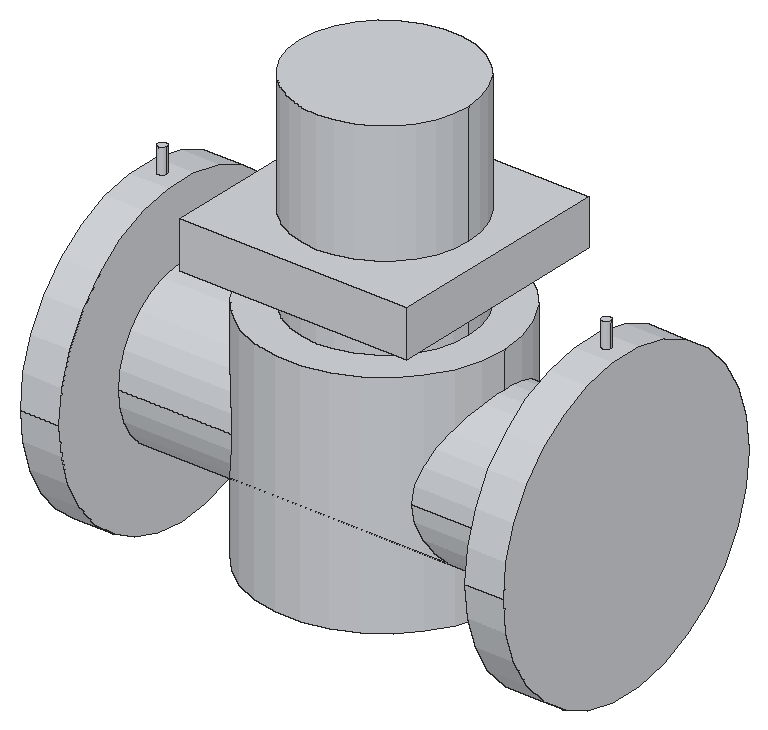
Revit family "PV_Compact_PN16_DN200_(90-350kPa)_RFA_2018", category Pipe Accessories, Revit 2018
Family settings
  Round Connector Dimension = Use Diameter
  Part Type = Valve - Breaks Into
  Work Plane-Based = No
  Always vertical = Yes
  Cut with Voids When Loaded = No
  Shared = No
Parameters (values of type "PV Compact PN16 DN200 (90-350kPa)")
  magiProductId = "d4da5ac8261147a98be9f2bfe38293"
  magiProductFamilyId = "702e6e0aa49e4742ba9b7167dc79b1"
  magiPartTypeId = 304
  isMeasuringValve [instance] = no
  ang2D [instance] = 0.00°
  W2D = 125 mm
  VersionID = "2.0/2018.12.13.2/FRESE_PV_COMPACT_BIG_Q13_001"
  Use Minimum Symbol Size [instance] = no
  URL = "www.hydronix.cz"
  Type Comments = "PŘÍRUBOVÝ; PN16; dpmax=1000kPa; -10~+110°C"
  R4 = 105 mm
  R3 = 98.8 mm
  R1 = 150 mm
  QmdConnectorList = "301;D;302;D"
  Productdata [instance] = ""
  Manufacturer = "Hydronix"
  Maintenance Zone Under Depth [instance] = 100 mm
  Maintenance Zone Right Depth [instance] = 100 mm
  Maintenance Zone Over Depth [instance] = 100 mm
  Maintenance Zone Left Depth [instance] = 100 mm
  Maintenance Zone Front Depth [instance] = 100 mm
  Maintenance Zone Back Depth [instance] = 100 mm
  Maintenance Zone Front Visibility [instance] = no
  MC Use Limits From Balancing Method = no
  MC Throttling Minimum Value = 0
  MC Throttling Maximum Value = 0
  MC Product Code = "53-3319 DN200 PN16; nastavitelný rozsah dp=90~350kPa; Q=65,2~261 m3/h;  kvs=275"
  MC Pressure Drop Minimum Value = 0.0 Pa
  MC Pressure Drop Maximum Value = 0.0 Pa
  MC Piping Given Pressure Drop [instance] = 0.0 Pa
  LF__ve = -LF  # -48 mm
  LF2 = 24 mm
  LF = 48 mm
  L4 = 282 mm
  L3 = 504 mm
  L2D_Min = 30.48 mm
  L2D = 400 mm
  L2 = 300 mm
  H6 = 150 mm
  H4 = 57 mm
  H3 = 47.5 mm
  H2 = 142.5 mm
  H1 = 285 mm
  Description = "Nastavitelný regulátor tlakové diference"
  DF2 = 190 mm
  D = 200 mm
  Clearance Zone Height Depth [instance] = 100 mm
  Clearance Zone Circular Radius [instance] = 300 mm
  Clearance Zone Visibility [instance] = no
  CAT0 = yes
Types (3, lengths in mm): name | magiProductId | Type Comments | R4 | R3 | R1 | MC Product Code | LF__ve | LF2 | LF | L4 | L3 | L2 | H6 | H4 | H3 | H2 | H1 | DF2 | D | Clearance Zone Circular Radius
  PV Compact PN16 DN125 (90-350kPa) | "b03890f2a0d24210acc7aed5971b3a" | "PŘÍRUBOVÝ; PN16; dpmax=1000kPa; -10~+120°C" | 70 | 70.2 | 100 | "53-3313 DN125 PN16; nastavitelný rozsah dp=90~350kPa; Q=40,3~161 m3/h;  kvs=170" | -32 | 16 | 32 | 188 | 336 | 200 | 225.5 | 40.5 | 33.75 | 101.25 | 202.5 | 135 | 125 | 200
  PV Compact PN16 DN150 (90-350kPa) | "05be4e71780741e6bc35f05414b0ce" | "PŘÍRUBOVÝ; PN16; dpmax=1000kPa; -10~+120°C" | 84 | 74.1 | 120 | "53-3316 DN150 PN16; nastavitelný rozsah dp=90~350kPa; Q=59,3~237 m3/h;  kvs=250" | -38.4 | 19.2 | 38.4 | 225.6 | 403.2 | 240 | 256.25 | 42.75 | 35.625 | 106.875 | 213.75 | 142.5 | 150 | 240
  PV Compact PN16 DN200 (90-350kPa) | "d4da5ac8261147a98be9f2bfe38293" | "PŘÍRUBOVÝ; PN16; dpmax=1000kPa; -10~+110°C" | 105 | 98.8 | 150 | "53-3319 DN200 PN16; nastavitelný rozsah dp=90~350kPa; Q=65,2~261 m3/h;  kvs=275" | -48 | 24 | 48 | 282 | 504 | 300 | 150 | 57 | 47.5 | 142.5 | 285 | 190 | 200 | 300
Reference planes
  plane 1 "Center (Front/Back)": y = 0
  plane 2 "XYPLANE": z = 0
  plane 3 "Center (Left/Right)": x = 0
  plane 4 "257": y = -190
  plane 5 "256": y = 190
  plane 6 "255": z = -190
  plane 7 "254": y = -290
  plane 8 "253": y = 290
  plane 9 "252": x = -400
  plane 10 "251": x = 400
  plane 11 "250": z = 497
  plane 12 "249": z = -290
  plane 13 "248": z = 497
  plane 14 "247": z = 397
  plane 15 "157": x = 276
  plane 16 "156": x = -276
  plane 17 "155": z = 190
  plane 18 "154": z = 247
  plane 19 "153": z = 190
  plane 20 "152": z = 142.5
  plane 21 "151": x = -252
  plane 22 "150": z = -142.5
  plane 23 "149": x = 0
  plane 24 "148": y = 0
  plane 25 "147": z = 0
  plane 26 "146": x = -300
  plane 27 "145": x = 300
Forms (mm)
  Blend 1, solid, visible <- "Maintenance Zone Front Visibility"
    base sketch origin (-750, 0, -290) x (1, 0, 0) y (0, 1, 0)
      loop
        line (350, 290) -> (350, -290) -> (1150, -290) -> (1150, 290) -> (350, 290)
    top sketch origin (-750, 0, -290) x (1, 0, 0) y (0, 1, 0)
      loop
        line (350, 290) -> (350, -290) -> (1150, -290) -> (1150, 290) -> (350, 290)
    from 0 to 787
  Blend 2, solid, visible <- "Clearance Zone Visibility"
    base sketch origin (-750, 0, 0) x (1, 0, 0) y (0, 1, 0)
      loop
        circle (750, 0) r 300
    top sketch origin (-750, 0, 0) x (1, 0, 0) y (0, 1, 0)
      loop
        circle (750, 0) r 300
    from 0 to 497
  Extrusion 3, solid, visible <- "CAT0"
    sketch origin (-750, 0, 190) x (1, 0, 0) y (0, 1, 0)
      loop
        circle (1026, 0) r 5.5
    from 0 to 30
  Extrusion 4, solid, visible <- "CAT0"
    sketch origin (-750, 0, 190) x (1, 0, 0) y (0, 1, 0)
      loop
        circle (474, 0) r 5.5
    from 0 to 30
  Extrusion 5, solid
    sketch origin (-750, 0, 247) x (1, 0, 0) y (0, 1, 0)
      loop
        circle (750, 0) r 105
    from 0 to 150 <- "H6"
  Extrusion 6, solid, visible <- "CAT0"
    sketch origin (-750, 0, 190) x (1, 0, 0) y (0, 1, 0)
      loop
        line (891, 141) -> (609, 141) -> (609, -141) -> (891, -141) -> (891, 141)
    from 0 to 57 <- "H4"
  Extrusion 7, solid, visible <- "CAT0"
    sketch origin (-750, 0, 142.5) x (1, 0, 0) y (0, 1, 0)
      loop
        circle (750, 0) r 105
    from 0 to 47.5 <- "H3"
  Extrusion 8, solid, visible <- "CAT0"
    sketch origin (-252, -750, 0) x (0, 1, 0) y (0, 0, 1)
      loop
        circle (750, 0) r 98.8
    from 0 to 504 <- "L3"
  Extrusion 9, solid, visible <- "CAT0"
    sketch origin (-750, 0, -142.5) x (1, 0, 0) y (0, 1, 0)
      loop
        circle (750, 0) r 150
    from 0 to 285 <- "H1"
  Extrusion 10, solid, visible <- "CAT0"
    sketch origin (-300, -750, 0) x (0, 1, 0) y (0, 0, 1)
      loop
        circle (750, 0) r 190
    from 0 to 48 <- "LF"
  Extrusion 11, solid, visible <- "CAT0"
    sketch origin (300, -750, 0) x (0, 1, 0) y (0, 0, 1)
      loop
        circle (750, 0) r 190
    from 0 to -48 <- "LF__ve"
  Extrusion 12, solid, not visible
    sketch origin (-300, -750, 0) x (0, 1, 0) y (0, 0, 1)
      loop
        circle (750, 0) r 10
    from 0 to 10
  Extrusion 13, solid, not visible
    sketch origin (300, -750, 0) x (0, 1, 0) y (0, 0, 1)
      loop
        circle (750, 0) r 10
    from 0 to -10
Lines and regions (mm)
  reference lines, not visible
    curve 1: circle (2, 2, 0) r 1 normal (0, 0, 1)
  reference lines
    curve 2: circle (0, 0, 190) r 1 normal (0, 0, 1)
Dimensions and locks
  plane 1 "Center (Front/Back)" to curve 1 = 2 mm
  "DF2": plane 24 "148" to plane 4 "257"
  "DF2": plane 24 "148" to plane 5 "256"
  "DF2": plane 25 "147" to plane 6 "255"
  "Maintenance Zone Front Depth": plane 4 "257" to plane 7 "254"
  "Maintenance Zone Back Depth": plane 5 "256" to plane 8 "253"
  "Maintenance Zone Left Depth": plane 26 "146" to plane 9 "252"
  "Maintenance Zone Right Depth": plane 27 "145" to plane 10 "251"
  "Maintenance Zone Over Depth": plane 14 "247" to plane 11 "250"
  "Maintenance Zone Under Depth": plane 6 "255" to plane 12 "249"
  "Clearance Zone Height Depth": plane 14 "247" to plane 13 "248"
  "H6": plane 18 "154" to plane 14 "247"
  "LF2": plane 27 "145" to plane 15 "157"
  "LF2": plane 26 "146" to plane 16 "156"
  "DF2": plane 2 "XYPLANE" to plane 17 "155"
  "H4": plane 19 "153" to plane 18 "154"
  "H3": plane 20 "152" to plane 19 "153"
  "H1": plane 22 "150" to plane 20 "152"
  "LF": plane 26 "146" to plane 21 "151"
  "H2": plane 2 "XYPLANE" to plane 22 "150"
  locked: plane 3 "Center (Left/Right)" to plane 23 "149"
  locked: plane 1 "Center (Front/Back)" to plane 24 "148"
  locked: plane 2 "XYPLANE" to plane 25 "147"
  "L2": plane 3 "Center (Left/Right)" to plane 26 "146"
  "L2": plane 3 "Center (Left/Right)" to plane 27 "145"
  Blend 1 sketch curve to Blend 1 sketch curve = 0 mm  (x16)
  equal spacing: Extrusion 6 sketch curve, curve 2, Extrusion 6 sketch curve  (x2)
  "L4": Extrusion 6 sketch curve to Extrusion 6 sketch curve  (x2)
  Extrusion 6 sketch curve to Extrusion 6 sketch curve = 0 mm  (x8)
  "Clearance Zone Circular Radius": radius of Blend 2 sketch curve  (x2)
  "R4": radius of Extrusion 5 sketch curve
  "R4": radius of Extrusion 7 sketch curve
  "R3": radius of Extrusion 8 sketch curve
  "R1": radius of Extrusion 9 sketch curve
  "DF2": radius of Extrusion 10 sketch curve
  "DF2": radius of Extrusion 11 sketch curve
  aligned and locked: level to plane 2 "XYPLANE"
  aligned and locked: Blend 1 sketch curve to plane 8 "253"  (x2)
  aligned and locked: plane 9 "252" to Blend 1 sketch curve  (x4)
  aligned and locked: plane 10 "251" to Blend 1 sketch curve  (x4)
  aligned and locked: plane 8 "253" to Blend 1 sketch curve  (x2)
  aligned and locked: plane 7 "254" to Blend 1 sketch curve  (x4)
  aligned and locked: plane 11 "250" to Blend 1
  aligned and locked: plane 23 "149" to Blend 2 sketch curve  (x2)
  aligned and locked: plane 24 "148" to Blend 2 sketch curve  (x2)
  aligned and locked: plane 13 "248" to Blend 2
  aligned and locked: plane 15 "157" to Extrusion 3 sketch curve
  aligned and locked: plane 24 "148" to Extrusion 3 sketch curve
  aligned and locked: plane 16 "156" to Extrusion 4 sketch curve
  aligned and locked: plane 24 "148" to Extrusion 4 sketch curve
  aligned and locked: plane 23 "149" to Extrusion 5 sketch curve
  aligned and locked: plane 24 "148" to Extrusion 5 sketch curve
  aligned and locked: plane 23 "149" to curve 2
  aligned and locked: plane 24 "148" to curve 2
  aligned and locked: plane 23 "149" to Extrusion 7 sketch curve
  aligned and locked: plane 24 "148" to Extrusion 7 sketch curve
  aligned and locked: Extrusion 8 sketch curve to plane 24 "148"
  aligned and locked: plane 25 "147" to Extrusion 8 sketch curve
  aligned and locked: plane 23 "149" to Extrusion 9 sketch curve
  aligned and locked: plane 24 "148" to Extrusion 9 sketch curve
  aligned and locked: Extrusion 10 sketch curve to plane 24 "148"
  aligned and locked: plane 25 "147" to Extrusion 10 sketch curve
  aligned and locked: Extrusion 11 sketch curve to plane 24 "148"
  aligned and locked: plane 25 "147" to Extrusion 11 sketch curve
  aligned and locked: Extrusion 12 sketch curve to plane 24 "148"
  aligned and locked: plane 25 "147" to Extrusion 12 sketch curve
  aligned and locked: Extrusion 13 sketch curve to plane 24 "148"
  aligned and locked: plane 25 "147" to Extrusion 13 sketch curve
Automatic sketch dimensions
  Extrusion 3 sketch curve to Extrusion 3 sketch curve = 5.5 mm
  Extrusion 4 sketch curve to Extrusion 4 sketch curve = 5.5 mm
  plane 1 "Center (Front/Back)" to Extrusion 12 sketch curve = 10 mm
  plane 1 "Center (Front/Back)" to Extrusion 13 sketch curve = 10 mm
  plane 3 "Center (Left/Right)" to curve 1 = 2 mm
  plane 21 "151" to Extrusion 6 sketch curve = 111 mm
  plane 4 "257" to Extrusion 6 sketch curve = 49 mm
  radius of curve 2 = 1 mm
  radius of curve 1 = 1 mm
Connectors
  piping at (-300, 0, 0), diameter 200, driven by "D"
    settings: on Extrusion 12, index 1, connector inside diameter 609.6 mm, connector length 0 mm, flow factor 0, pipe flow 0.0 L/s, pressure drop 0.0 Pa, fitting loss kfactor 0, connector angle 0.00°, fixture units 0, engagement length 0 mm, angle of deflection 0.00°, flow configuration 0, flow direction 0, fitting loss method 0, system type 29, joint type 0, gender type 0, connector reference index 2, connector utility 0, adjustable connector no, is connector primary yes, connector description ""
  piping at (300, 0, 0), diameter 200, driven by "D"
    settings: on Extrusion 13, index 2, connector inside diameter 609.6 mm, connector length 0 mm, flow factor 0, pipe flow 0.0 L/s, pressure drop 0.0 Pa, fitting loss kfactor 0, connector angle 0.00°, fixture units 0, engagement length 0 mm, angle of deflection 0.00°, flow configuration 0, flow direction 0, fitting loss method 0, system type 29, joint type 0, gender type 0, connector reference index 1, connector utility 0, adjustable connector no, is connector primary no, connector description ""
